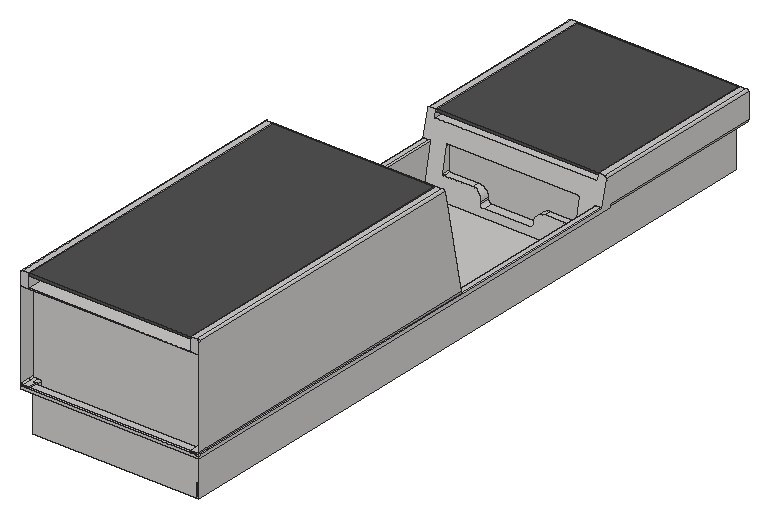
Revit family "PRD_FrankeWS_MltFnctnDspnsrs_EXOSPaperTowelDispenserWasteBinCombination_EXOS602EX_602EB_602EW", category Specialty Equipment, host Face, Revit 2018
Family settings
  Host = Face
  Round Connector Dimension = Use Diameter
  Part Type = Normal
  OmniClass Number = 23.40.20.21.17
  OmniClass Title = Paper Towel Dispensers, Disposal Units
  Cut with Voids When Loaded = No
  Shared = No
  Room Calculation Point = No
Parameters (values of type "EXOS602EB")
  WarrantyStartDate [instance] = "1900-12-31T23:59:59"
  WarrantyGuarantorParts = "n/a"
  WarrantyGuarantorLabor = "n/a"
  WarrantyDurationUnit = "year"
  WarrantyDurationParts = "n/a"
  WarrantyDurationLabor = "n/a"
  WarrantyDescription = "n/a"
  Version = "1"
  Uniclass2015Version = "Products v1.17"
  Uniclass2015Title = "Multi-function dispensers"
  Uniclass2015Code = "Pr_40_70_22_52"
  URL = "www.kwc.com"
  TypeOfMounting = "Recessed mounting"
  TypeOfFixing = "Screw"
  TypeOfConsumable2 = "n/a"
  TypeOfConsumable1 = "Paper towel"
  TagNumber [instance] = "n/a"
  SustainabilityPerformance = "n/a"
  SurfaceTreatment = "InoxPlus (anti fingerprint)"
  Style = "n/a"
  Size = "304 x 1166 x 251 mm"
  Shape = "n/a"
  SerialNumber [instance] = "n/a"
  Revision = "n/a"
  ReplacementCost = "n/a"
  ProductInformation = "https://pim.kwc.com/product/2030034627/attachment/datasheet?locale=en"
  PanelMaterial = PRD_AR_Glass_Black
  NominalWidth = 304.00 mm
  NominalHeight = 1166.00 mm
  NominalDepth = 251.00 mm
  NetWeight = 17.46 kg
  Name = "Paper Towel Dispenser Waste Bin Combination EXOS602EB"
  NBSTypeID = "n/a"
  NBSReference = "45-35-72/384"
  NBSOfficeMasterTag = "n/a"
  NBSNote = "n/a"
  NBSDescription = "Multi-function dispensers"
  NBSCertification = "n/a"
  ModelReference = "EXOS602EB"
  ModelNumber = "2030034627"
  Model = ModelReference  # "EXOS602EB"
  MaterialThickness = "1.20 mm"
  MaterialCode = "1.4301"
  Material = "stainless steel"
  ManufacturerURL = "www.kwc.com\r\nwww.kwc.com"
  ManufacturerName = "KWC Group AG"  # constant formula
  Manufacturer = ManufacturerName  # "KWC Group AG"
  MainColor = "stainless steel"
  Lock2 = "Key-lock"
  Lock1 = "Key-lock"
  IsBuiltIn = "TRUE"
  IntegralAccessories = "incl. mounting bracket and mounting materials"
  InstallationDate [instance] = "1900-12-31T23:59:59"
  IfcExportType = "USERDEFINED"
  IfcExportAs = "IfcFurnitureType"
  GrossWeight = 18.46 kg
  Grade = "n/a"
  Finish = "satin finished"
  FillingQuantity2Uom = "Liter"
  FillingQuantity2 = "30"
  FillingQuantity1Uom = "Pieces"
  FillingQuantity1 = "400"
  Features = "stainless steel, surface satin finished"
  ExpectedLife = "n/a"
  DurationUnit = "year"
  DispenserMaterial = PRD_AR_StainlessSteel_SatinFinished
  Description = "Paper towel dispenser and waste bin combination for recessed mounting, stainless steel with satin finished, black safety glass front panel, casing with InoxPlus surface refinement for the reduction of finger marks and better cleaning characteristics (easy to clean), material thickness 1.2 mm, capacity paper towel dispenser 300 - 400 pieces of Z-folded paper depending on convolution, waste bin with approx. 30 liter capacity, integrated bag holder, includes mounting bracket and mounting materials."
  Default Elevation = 800.00 mm
  CreatedOn = "05/2020"  # constant formula
  Constituents = "n/a"
  CombinationPart2 = "Waste bin"
  CombinationPart1 = "Paper towel dispenser"
  Color = "n/a"
  CodePerformance = "n/a"
  Category = "Pr_40_70_22_52, Multi-function dispensers"
  BarCode [instance] = "n/a"
  BIMObjectName = "PRD_AR_MultiFunctionDispensers_EXOSPaperTowelDispenserWasteBinCombination_EXOS602EB"
  Author = "Archispace"  # constant formula
  AssetType = "Fixed"
  AssetIdentifier [instance] = "n/a"
  AccessibilityPerformance = "n/a"
Types (3, lengths in mm): name | ProductInformation | PanelMaterial | NetWeight | Name | ModelReference | ModelNumber | Model | ManufacturerURL | GrossWeight | Description | BIMObjectName
  EXOS602EX | "https://pim.kwc.com/product/2030034626/attachment/datasheet?locale=en" | PRD_AR_StainlessSteel_SatinFinished | 15.62 kg | "Paper Towel Dispenser Waste Bin Combination EXOS602EX" | "EXOS602EX" | "2030034626" | "EXOS602EX" | "www.kwc.com" | 16.62 kg | "Paper towel dispenser and waste bin combination for recessed mounting, stainless steel with satin finished, front with InoxPlus surface refinement for the reduction of finger marks and better cleaning characteristics (easy to clean), material thickness 1.2 mm, capacity paper towel dispenser 300 - 400 pieces of Z-folded paper depending on convolution, waste bin with approx. 30 liter capacity, integrated bag holder, includes mounting bracket and mounting materials." | "PRD_AR_MultiFunctionDispensers_EXOSPaperTowelDispenserWasteBinCombination_EXOS602EX"
  EXOS602EB | "https://pim.kwc.com/product/2030034627/attachment/datasheet?locale=en" | PRD_AR_Glass_Black | 17.46 kg | "Paper Towel Dispenser Waste Bin Combination EXOS602EB" | "EXOS602EB" | "2030034627" | "EXOS602EB" | "www.kwc.com\r\nwww.kwc.com" | 18.46 kg | "Paper towel dispenser and waste bin combination for recessed mounting, stainless steel with satin finished, black safety glass front panel, casing with InoxPlus surface refinement for the reduction of finger marks and better cleaning characteristics (easy to clean), material thickness 1.2 mm, capacity paper towel dispenser 300 - 400 pieces of Z-folded paper depending on convolution, waste bin with approx. 30 liter capacity, integrated bag holder, includes mounting bracket and mounting materials." | "PRD_AR_MultiFunctionDispensers_EXOSPaperTowelDispenserWasteBinCombination_EXOS602EB"
  EXOS602EW | "https://pim.kwc.com/product/2030034663/attachment/datasheet?locale=en" | PRD_AR_Glass_White | 17.46 kg | "Paper Towel Dispenser Waste Bin Combination EXOS602EW" | "EXOS602EW" | "2030034663" | "EXOS602EW" | "www.kwc.com" | 18.46 kg | "Paper towel dispenser and waste bin combination for recessed mounting, stainless steel with satin finished, white safety glass front panel, casing with InoxPlus surface refinement for the reduction of finger marks and better cleaning characteristics (easy to clean), material thickness 1.2 mm, capacity paper towel dispenser 300 - 400 pieces of Z-folded paper depending on convolution, waste bin with approx. 30 liter capacity, integrated bag holder, includes mounting materials." | "PRD_AR_MultiFunctionDispensers_EXOSPaperTowelDispenserWasteBinCombination_EXOS602EW"
Reference planes
  plane 1 "Center (Front/Back)": y = 0
  plane 2: z = 0
  plane 3 "Center (Left/Right)": x = 0
Forms (mm)
  Extrusion 1, void
    sketch origin (0, 0, 0) x (0, 1, 0) y (0, 0, 1)
      loop
        line (569.5, 0) -> (-570.5, 0) -> (-570.5, -70) -> (569.5, -70) -> (569.5, 0)
    from -141 to 141
Dimensions and locks
  aligned and locked: plane 2 to host face
  aligned and locked: level to host face
Nested families
  nested 1: "EXOS602E" at (0, 333, -70), type "EXOS602E"
Definition of nested family "EXOS602E"
  Parameters (values of type "EXOS600")
    Material = none
    FrontMaterial = none
  Reference planes
    plane 1 "Center (Front/Back)": y = 0
    plane 2: z = 0
    plane 3 "Center (Left/Right)": x = 0
    plane 4: y = 250
  Forms (mm)
    Extrusion 1, solid, material <- "Material", detail levels fine
      sketch origin (0, 0, -10.333) x (1, 0, 0) y (0, 0, 1)
        loop
          line (-152, 80.333) -> (152, 80.333) -> (152, 126.833)
          arc (152, 126.833) -> (150.975, 129.308) -> (148.5, 130.333) r 3.5
          line (148.5, 130.333) -> (-148.5, 130.333)
          arc (-148.5, 130.333) -> (-150.975, 129.308) -> (-152, 126.833) r 3.5
          line (-152, 126.833) -> (-152, 80.333)
      from -250 to 88.079
    Extrusion 2, void
      sketch origin (0, 0, 0) x (0, 1, 0) y (0, 0, 1)
        loop
          line (-50.5, 120) -> (-88.079, 120) -> (-88.079, 70) -> (-61.295, 70) -> (-50.5, 120)
      from -152 to 152
    Extrusion 3, void
      sketch origin (0, 0, 0) x (1, 0, 0) y (0, 0, 1)
        loop
          line (138, 120) -> (-137.996, 120) -> (-137.996, 108.5) -> (138, 108.5) -> (138, 120)
      from -248.5 to 187.554
    Revolve 4, solid, material <- "Material", detail levels fine
      sketch origin (0, 37.5, 95) x (1, 0, 0) y (0, 1, 0)
        loop
          line (0, 212.5) -> (10, 212.5) -> (10, 215.266)
          arc (10, 215.266) -> (9.414, 216.68) -> (8, 217.266) r 2
          line (8, 217.266) -> (6.324, 217.266)
          arc (6.324, 217.266) -> (5.966, 217.585) -> (5.5, 217.7) r 1
          line (5.5, 217.7) -> (0, 217.7) -> (0, 212.5)
        axis (0, 217.7) -> (0, 212.5)
      angle from 0 to 360
    Revolve 5, solid, material <- "Material", detail levels medium
      sketch origin (0, 37.5, 95) x (1, 0, 0) y (0, 1, 0)
        loop
          line (0, 212.5) -> (10, 212.5) -> (10, 217.7) -> (0, 217.7) -> (0, 212.5)
        axis (0, 217.7) -> (0, 212.5)
      angle from 0 to 360
    Extrusion 6, solid, material <- "Material", detail levels fine
      sketch origin (0, 0, 0) x (1, 0, 0) y (0, 1, 0)
        loop
          line (152, -60) -> (140, -60) -> (140, -902.3) -> (-140, -902.3) -> (-140, -60) -> (-152, -60) -> (-152, -916) -> (152, -916) -> (152, -60)
      from 70 to 76
    Extrusion 7, solid, material <- "Material", detail levels fine
      sketch origin (0, 0, 0) x (0, 1, 0) y (0, 0, 1)
        loop
          line (236.5, 0) -> (236.5, 70) -> (-903.5, 70) -> (-903.5, 0) -> (236.5, 0)
      from -141 to 141
    Extrusion 8, void
      sketch origin (0, 0, 0) x (1, 0, 0) y (0, 0, 1)
        loop
          line (152, 70) -> (152, 73.5)
          arc (152, 73.5) -> (150.975, 71.025) -> (148.5, 70) r 3.5
          line (148.5, 70) -> (152, 70)
        loop
          line (-152, 70) -> (-148.5, 70)
          arc (-148.5, 70) -> (-150.975, 71.025) -> (-152, 73.5) r 3.5
          line (-152, 73.5) -> (-152, 70)
      from -250 to 45
    Extrusion 9, solid, material <- "FrontMaterial", detail levels medium+fine
      sketch origin (0, 0, 0) x (1, 0, 0) y (0, 1, 0)
        loop
          line (-137.196, 247.5) -> (-137.196, -50) -> (137.2, -50) -> (137.2, 247.5) -> (-137.196, 247.5)
      from 116.3 to 120.3
    Extrusion 10, void
      sketch origin (0, 0, 0) x (0, 1, 0) y (0, 0, 1)
        loop
          line (-902.3, 1.2) -> (-76.15, 1.2) -> (-61.295, 70) -> (-902.3, 70) -> (-902.3, 1.2)
      from -140 to 140
    Sweep 11, void
      path in 3D
        loop
          line (-140, -902.3, 76) -> (-140, -60, 76)
      profile origin (-140, -481.15, 76) x (-1, 0, 0) y (0, 0, 1)
        loop
          line (0, 0) -> (0, -2)
          arc (0, -2) -> (0.586, -0.586) -> (2, 0) r 2
          line (2, 0) -> (0, 0)
    Sweep 12, void
      path in 3D
        loop
          line (140, -905, 76) -> (140, -60, 76)
      profile origin (140, -482.5, 76) x (-1, 0, 0) y (0, 0, 1)
        loop
          line (0, 0) -> (-2, 0)
          arc (-2, 0) -> (-0.586, -0.586) -> (0, -2) r 2
          line (0, -2) -> (0, 0)
    Sweep 13, void
      path in 3D
        loop
          line (-152, -60, 76) -> (-152, -916, 76) -> (152, -916, 76) -> (152, -60, 76)
      profile origin (-152, -488, 76) x (1, 0, 0) y (0, 0, 1)
        loop
          line (0, 0) -> (0, -2)
          arc (0, -2) -> (0.586, -0.586) -> (2, 0) r 2
          line (2, 0) -> (0, 0)
    Extrusion 14, void
      sketch origin (0, 0, 0) x (1, 0, 0) y (0, 0, 1)
        loop
          arc (39, 13) -> (43.243, 14.757) -> (45, 19) r 6
          line (45, 19) -> (45, 21)
          arc (45, 21) -> (49.686, 32.314) -> (61, 37) r 16
          line (61, 37) -> (110.5, 37)
          arc (110.5, 37) -> (111.914, 37.586) -> (112.5, 39) r 2
          line (112.5, 39) -> (112.5, 79)
          arc (112.5, 79) -> (111.914, 80.414) -> (110.5, 81) r 2
          line (110.5, 81) -> (-110.5, 81)
          arc (-110.5, 81) -> (-111.914, 80.414) -> (-112.5, 79) r 2
          line (-112.5, 79) -> (-112.5, 39)
          arc (-112.5, 39) -> (-111.914, 37.586) -> (-110.5, 37) r 2
          line (-110.5, 37) -> (-61, 37)
          arc (-61, 37) -> (-49.686, 32.314) -> (-45, 21) r 16
          line (-45, 21) -> (-45, 19)
          arc (-45, 19) -> (-43.243, 14.757) -> (-39, 13) r 6
          line (-39, 13) -> (39, 13)
      from 56.088 to 80.048
    Extrusion 15, solid, material <- "Material", detail levels medium
      sketch origin (0, 0, -10.333) x (1, 0, 0) y (0, 0, 1)
        loop
          line (-152, 80.333) -> (152, 80.333) -> (152, 130.333) -> (-152, 130.333) -> (-152, 80.333)
      from -250 to 88.079
    Extrusion 16, void
      sketch origin (0, 0, 0) x (1, 0, 0) y (0, 1, 0)
        loop
          line (-137.996, 248.5) -> (-137.996, -52.983) -> (138, -52.983) -> (138, 248.5) -> (-137.996, 248.5)
      from 116.3 to 144.619
    Extrusion 17, solid, material <- "Material", detail levels fine
      sketch origin (0, 0, 0) x (1, 0, 0) y (0, 0, 1)
        loop
          arc (-137.6, 73.702) -> (-138.625, 76.177) -> (-141.1, 77.202) r 3.5
          line (-141.1, 77.202) -> (-148.5, 77.202)
          arc (-148.5, 77.202) -> (-150.126, 77.876) -> (-150.8, 79.502) r 2.3
          line (-150.8, 79.502) -> (-150.8, 227.002) -> (-152, 227.002) -> (-152, 79.502)
          arc (-152, 79.502) -> (-150.975, 77.028) -> (-148.5, 76.002) r 3.5
          line (-148.5, 76.002) -> (-141.1, 76.002)
          arc (-141.1, 76.002) -> (-139.474, 75.329) -> (-138.8, 73.702) r 2.3
          line (-138.8, 73.702) -> (-138.8, 1.2) -> (-137.6, 1.2) -> (-137.6, 73.702)
        loop
          line (137.6, 73.702) -> (137.6, 1.2) -> (138.8, 1.2) -> (138.8, 73.702)
          arc (138.8, 73.702) -> (139.474, 75.329) -> (141.1, 76.002) r 2.3
          line (141.1, 76.002) -> (148.5, 76.002)
          arc (148.5, 76.002) -> (150.975, 77.028) -> (152, 79.502) r 3.5
          line (152, 79.502) -> (152, 227.002) -> (150.8, 227.002) -> (150.8, 79.502)
          arc (150.8, 79.502) -> (150.126, 77.876) -> (148.5, 77.202) r 2.3
          line (148.5, 77.202) -> (141.1, 77.202)
          arc (141.1, 77.202) -> (138.625, 76.177) -> (137.6, 73.702) r 3.5
      from 343.5 to 900
    Extrusion 18, solid, material <- "Material", detail levels fine
      sketch origin (0, 0, 0) x (1, 0, 0) y (0, 0, 1)
        loop
          line (-148.5, 76.002) -> (-137.1, 76.002) -> (-137.1, 77.202) -> (-148.5, 77.202)
          arc (-148.5, 77.202) -> (-150.126, 77.876) -> (-150.8, 79.502) r 2.3
          line (-150.8, 79.502) -> (-150.8, 227.002) -> (-152, 227.002) -> (-152, 79.502)
          arc (-152, 79.502) -> (-150.975, 77.028) -> (-148.5, 76.002) r 3.5
        loop
          arc (148.5, 76.002) -> (150.975, 77.028) -> (152, 79.502) r 3.5
          line (152, 79.502) -> (152, 227.002) -> (150.8, 227.002) -> (150.8, 79.502)
          arc (150.8, 79.502) -> (150.126, 77.876) -> (148.5, 77.202) r 2.3
          line (148.5, 77.202) -> (137.1, 77.202) -> (137.1, 76.002) -> (148.5, 76.002)
      from 900 to 916
    Extrusion 19, void
      sketch origin (0, 0, 0) x (0, 1, 0) y (0, 0, 1)
        loop
          line (-396, 251.002) -> (-343.5, 1.2) -> (-343.5, 251.002) -> (-396, 251.002)
      from -152 to 152
    Extrusion 20, solid, material <- "Material", detail levels fine
      sketch origin (0, 0, 0) x (0, 1, 0) y (0, 0, 1)
        loop
          line (-351.791, 25.2) -> (-358.638, 25.2) -> (-358.638, 30.005)
          arc (-358.638, 30.005) -> (-359.808, 33.218) -> (-362.77, 34.929) r 5
          line (-362.77, 34.929) -> (-367.424, 35.749)
          arc (-367.424, 35.749) -> (-369.057, 35.312) -> (-369.771, 33.78) r 2
          line (-369.771, 33.78) -> (-369.771, 25.2) -> (-902.3, 25.2) -> (-902.3, 1.2) -> (-348.428, 1.2)
          arc (-348.428, 1.2) -> (-345.322, 2.679) -> (-344.514, 6.023) r 4
          line (-344.514, 6.023) -> (-347.876, 22.023)
          arc (-347.876, 22.023) -> (-349.27, 24.306) -> (-351.791, 25.2) r 4
      from -137.6 to 137.2
    Extrusion 21, solid, material <- "Material", detail levels fine
      sketch origin (0, 0, 0) x (1, 0, 0) y (0, 0, 1)
        loop
          line (152, 227.002) -> (152, 247.502)
          arc (152, 247.502) -> (150.975, 249.977) -> (148.5, 251.002) r 3.5
          line (148.5, 251.002) -> (-148.5, 251.002)
          arc (-148.5, 251.002) -> (-150.975, 249.977) -> (-152, 247.502) r 3.5
          line (-152, 247.502) -> (-152, 227.002) -> (152, 227.002)
      from 358.638 to 916
    Extrusion 22, solid, material <- "Material", detail levels fine
      sketch origin (0, 0, 0) x (0, 1, 0) y (0, 0, 1)
        loop
          line (-396.214, 224.134) -> (-396.214, 227.002) -> (-407.22, 227.002) -> (-405.759, 218.717) -> (-400.778, 219.153)
          arc (-400.778, 219.153) -> (-397.528, 220.756) -> (-396.214, 224.134) r 5
      from -127 to 127
    Extrusion 23, void
      sketch origin (0, 0, 0) x (0, 1, 0) y (0, 0, 1)
        loop
          line (-395.884, 227.002) -> (-390.956, 227.002) -> (-391.97, 231.825)
          arc (-391.97, 231.825) -> (-392.778, 228.482) -> (-395.884, 227.002) r 4
      from -150.8 to 150.8
    Extrusion 24, solid, material <- "Material", detail levels fine
      sketch origin (0, 0, 0) x (1, 0, 0) y (0, 0, 1)
        loop
          line (137.6, 25.2) -> (137.6, 73.702)
          arc (137.6, 73.702) -> (138.625, 76.177) -> (141.1, 77.202) r 3.5
          line (141.1, 77.202) -> (148.5, 77.202)
          arc (148.5, 77.202) -> (150.126, 77.876) -> (150.8, 79.502) r 2.3
          line (150.8, 79.502) -> (150.8, 227.002) -> (-150.8, 227.002) -> (-150.8, 79.502)
          arc (-150.8, 79.502) -> (-150.126, 77.876) -> (-148.5, 77.202) r 2.3
          line (-148.5, 77.202) -> (-141.1, 77.202)
          arc (-141.1, 77.202) -> (-138.625, 76.177) -> (-137.6, 73.702) r 3.5
          line (-137.6, 73.702) -> (-137.6, 25.2) -> (137.6, 25.2)
      from 889.3 to 890.5
    Extrusion 25, void
      sketch origin (0, 0, 0) x (1, 0, 0) y (0, 0, 1)
        loop
          line (138, 228.202) -> (138, 251.002) -> (-138, 251.002) -> (-138, 228.202) -> (138, 228.202)
      from 397.2 to 916
    Extrusion 26, solid, material <- "FrontMaterial", detail levels medium+fine
      sketch origin (0, 0, 0) x (1, 0, 0) y (0, 1, 0)
        loop
          line (-137, -916) -> (137, -916) -> (137, -398.2) -> (-137, -398.2) -> (-137, -916)
      from 247 to 251.002
    Extrusion 27, solid, material <- "Material", detail levels medium
      sketch origin (0, 0, 0) x (1, 0, 0) y (0, 1, 0)
        loop
          line (152, -60) -> (140, -60) -> (140, -902.3) -> (-140, -902.3) -> (-140, -60) -> (-152, -60) -> (-152, -916) -> (152, -916) -> (152, -60)
      from 70 to 76
    Extrusion 28, solid, material <- "Material", detail levels medium
      sketch origin (0, 0, 0) x (1, 0, 0) y (0, 0, 1)
        loop
          line (-152, 76.002) -> (-150.8, 76.002) -> (-150.8, 227.002) -> (-152, 227.002) -> (-152, 76.002)
        loop
          line (152, 76.002) -> (152, 227.002) -> (150.8, 227.002) -> (150.8, 76.002) -> (152, 76.002)
      from 343.5 to 916
    Extrusion 29, solid, material <- "Material", detail levels medium
      sketch origin (0, 0, 0) x (1, 0, 0) y (0, 0, 1)
        loop
          line (152, 227.002) -> (152, 251.002) -> (-152, 251.002) -> (-152, 227.002) -> (152, 227.002)
      from 358.638 to 916
    Extrusion 30, solid, material <- "Material", detail levels medium
      sketch origin (0, 0, 0) x (0, 1, 0) y (0, 0, 1)
        loop
          line (-348.544, 25.2) -> (-902.3, 25.2) -> (-902.3, 1.2) -> (-343.5, 1.2) -> (-348.544, 25.2)
      from -137.6 to 137.2
    Extrusion 31, solid, material <- "Material", detail levels medium
      sketch origin (0, 0, 0) x (1, 0, 0) y (0, 0, 1)
        loop
          line (137.6, 25.2) -> (137.6, 77.202) -> (150.8, 77.202) -> (150.8, 227.002) -> (-150.8, 227.002) -> (-150.8, 77.202) -> (-137.6, 77.202) -> (-137.6, 25.2) -> (137.6, 25.2)
      from 889.3 to 890.5
    Extrusion 32, solid, material <- "Material", detail levels medium
      sketch origin (0, 0, 0) x (0, 1, 0) y (0, 0, 1)
        loop
          line (236.5, 0) -> (236.5, 70) -> (-903.5, 70) -> (-903.5, 0) -> (236.5, 0)
      from -141 to 141
    Extrusion 33, solid, material <- "Material", detail levels coarse
      sketch origin (0, 0, 0) x (0, 1, 0) y (0, 0, 1)
        loop
          line (236.5, 70) -> (-903.5, 70) -> (-903.5, 0) -> (236.5, 0) -> (236.5, 70)
      from -141 to 141
    Extrusion 34, solid, material <- "Material", detail levels coarse
      sketch origin (0, 0, 0) x (1, 0, 0) y (0, 1, 0)
        loop
          line (152, -60) -> (-152, -60) -> (-152, -916) -> (152, -916) -> (152, -60)
      from 70 to 76
    Extrusion 35, solid, material <- "Material", detail levels coarse
      sketch origin (0, 0, 0) x (0, 1, 0) y (0, 0, 1)
        loop
          line (250, 70) -> (250, 120) -> (-50.5, 120) -> (-61.295, 70) -> (250, 70)
      from -152 to 152
    Extrusion 36, solid, material <- "Material", detail levels coarse
      sketch origin (0, 0, 0) x (0, 1, 0) y (0, 0, 1)
        loop
          line (-359.22, 76) -> (-396, 251.002) -> (-916, 251.002) -> (-916, 76) -> (-359.22, 76)
      from -152 to 152
  Cuts and joins
    Extrusion 2, Extrusion 3, Extrusion 8, Extrusion 14 cuts Extrusion 1
    Sweep 11, Sweep 12, Sweep 13, Extrusion 14 cuts Extrusion 6
    Extrusion 10, Extrusion 14 cuts Extrusion 7
    joined: Extrusion 1, Extrusion 6, Extrusion 7
    Extrusion 2, Extrusion 16 cuts Extrusion 15
    Extrusion 10 cuts Extrusion 32
    joined: Extrusion 15, Extrusion 32
    Extrusion 19 cuts Extrusion 17
    Extrusion 19 cuts Extrusion 18
    Extrusion 19, Extrusion 23, Extrusion 25 cuts Extrusion 21
    joined: Extrusion 17, Extrusion 18, Extrusion 21
    Extrusion 19, Extrusion 25 cuts Extrusion 29
    Extrusion 19 cuts Extrusion 28
    joined: Extrusion 33, Extrusion 34, Extrusion 35, Extrusion 36
  Lines and regions (mm)
    sketch lines
      curve 1: line (-140, -902.3, 76) -> (-140, -60, 76)
      curve 2: line (140, -905, 76) -> (140, -60, 76)
      curve 3: line (-152, -60, 76) -> (-152, -916, 76)
      curve 4: line (-152, -916, 76) -> (152, -916, 76)
      curve 5: line (152, -916, 76) -> (152, -60, 76)
  Dimensions and locks
    plane 1 "Center (Front/Back)" to plane 4 = 250.00 mm
    aligned and locked: level to plane 2
